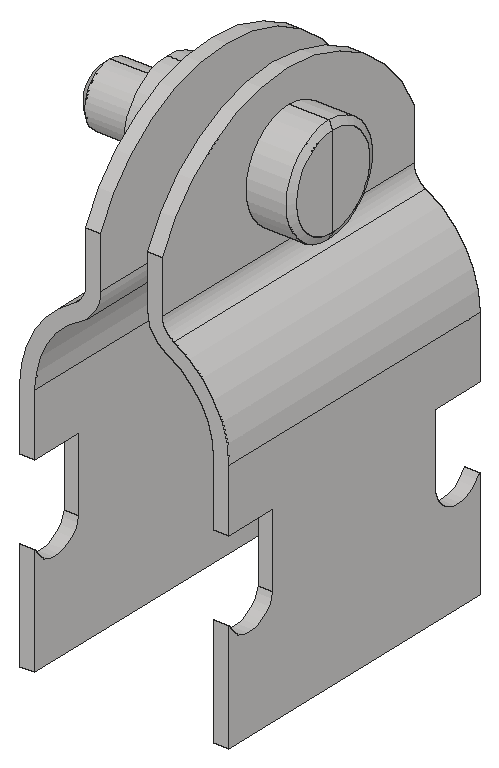
Revit family "Pipe-Clamp-Atkore-Thinwall-Conduit-P1426", category Specialty Equipment, Revit 2012
Parameters (values of type "P1426")
  ecoScorecard_data = ""
  ecoScorecard Product Page = ""
  Unit = Metal - Aluminum - Atkore - Electro - Galvanized
  URL = "http://unistrut.us/index.php"
  Thickness Gauge = 1.50 mm  # constant formula
  Subcategory = "Pipe Clamps"  # constant formula
  Product Page URL = ""
  Part Type = "Clamp"  # constant formula
  Part Number = "P1426"
  Overall Width = 21.48 mm  # constant formula
  Overall Height = 52.78 mm  # constant formula
  Overall Depth = 31.93 mm  # constant formula
  Outer Diameter = 17.90 mm  # constant formula
  Model = "P1426"  # constant formula
  Material = "Multiple Options - See Catalog"
  Manufacturer Toll Free Phone = "800-882-5543"  # constant formula
  Manufacturer Phone = "708-339-1610"  # constant formula
  Manufacturer Fax = "708-339-7814"  # constant formula
  Manufacturer Email = "mailto:questions@atkore.com"
  Manufacturer Address = "16100 South Lathrop Avenue, Harvey, IL 60426"  # constant formula
  Manufacturer = "Unistrut by Atkore International"  # constant formula
  Load Capacity Note = "Visit the product page for load application and capacity."  # constant formula
  Literature URL = ""
  Description = "Pipe Clamps For Thin Wall Conduit"  # constant formula
  Cost Info = "mailto:questions@atkore.com"
  Construction Note = ""
  Conduit Size = 12.70 mm  # constant formula
  CSI MasterSpec = ""
  CAD URL = ""
  Assembly Code = "D5090300"
  95 CSI = "16070"  # constant formula
  04 CSI = "26 05 48"  # constant formula
Reference planes
  plane 1 "Center (Front/Back)": y = 0
  plane 2: z = 0
  plane 3 "Center (Left/Right)": x = 0
  plane 4: y = 15.965
  plane 5: y = -15.965
  plane 6: x = -10.74
  plane 7: x = 10.74
  plane 8: z = 52.78
Dimensions and locks
  equal spacing: plane 4, plane 1 "Center (Front/Back)", plane 5
  "Overall Height": plane 8 to level
  "Overall Depth": plane 4 to plane 5
  "Overall Width": plane 6 to plane 7
  equal spacing: plane 6, plane 3 "Center (Left/Right)", plane 7
  aligned and locked: level to plane 2
  aligned and locked: plane 1 "Center (Front/Back)" to nested 1
  aligned and locked: plane 3 "Center (Left/Right)" to nested 1
Nested families
  nested 1: "P1426" at (0, 0, 0), type "P1426"
Definition of nested family "P1426"
  Parameters (values of type "P1426")
    Unit = none
    Thickness Gauge = 1.50 mm
    Outer Diameter = 17.90 mm
    Conduit Size = 12.70 mm
  Reference planes
    plane 1 "Center (Front/Back)": y = 0
    plane 2: z = 0
    plane 3 "Center (Left/Right)": x = 0
    plane 4: y = -15.967
    plane 5: x = -10.652
    plane 6: x = 10.652
    plane 7: y = 15.967
    plane 8: z = 52.784
    plane 9: z = 37.112
    plane 10: z = 19.431
  Forms (mm)
    Extrusion 1, solid, material <- "Unit"
      sketch origin (0, 0, 0) x (0, 1, 0) y (0, 0, 1)
        loop
          line (15.967, 0) -> (15.967, 11.179)
          arc (15.967, 11.179) -> (12.876, 9.496) -> (10.312, 11.906) r 3.001
          line (10.312, 11.906) -> (10.312, 19.431) -> (-10.326, 19.431) -> (-10.326, 11.836)
          arc (-10.326, 11.836) -> (-12.912, 9.491) -> (-15.967, 11.179) r 3.001
          line (-15.967, 11.179) -> (-15.967, 0) -> (15.967, 0)
      from 9.128 to 10.652
    Extrusion 2, solid, material <- "Unit"
      sketch origin (0, 0, 0) x (1, 0, 0) y (0, 0, 1)
        loop
          arc (5.064, 35.168) -> (4.217, 35.98) -> (3.905, 37.112) r 2.21
          line (3.905, 37.112) -> (2.381, 37.112)
          arc (2.381, 37.112) -> (2.908, 35.2) -> (4.34, 33.827) r 3.734
          arc (4.34, 33.827) -> (7.84, 30.472) -> (9.128, 25.797) r 9.128
          line (9.128, 25.797) -> (9.128, 19.431) -> (10.652, 19.431) -> (10.652, 25.797)
          arc (10.652, 25.797) -> (9.149, 31.252) -> (5.064, 35.168) r 10.652
      from -15.967 to 15.967
    Extrusion 3, solid, material <- "Unit"
      sketch origin (0, 0, 0) x (0, 1, 0) y (0, 0, 1)
        loop
          line (-15.967, 42.409) -> (-15.967, 37.112) -> (15.967, 37.112) -> (15.967, 42.376)
          arc (15.967, 42.376) -> (0.011, 52.784) -> (-15.967, 42.409) r 17.462
      from 2.381 to 3.905
    Extrusion 4, solid, material <- "Unit"
      sketch origin (0, 0, 0) x (0, 1, 0) y (0, 0, -1)
        loop
          line (15.967, 0) -> (-15.967, 0) -> (-15.967, -11.179)
          arc (-15.967, -11.179) -> (-12.912, -9.491) -> (-10.326, -11.836) r 3.001
          line (-10.326, -11.836) -> (-10.326, -19.431) -> (10.312, -19.431) -> (10.312, -11.906)
          arc (10.312, -11.906) -> (12.876, -9.496) -> (15.967, -11.179) r 3.001
          line (15.967, -11.179) -> (15.967, 0)
      from 9.128 to 10.652
    Extrusion 5, solid, material <- "Unit"
      sketch origin (0, 0, 0) x (-1, 0, 0) y (0, 0, -1)
        loop
          arc (5.064, -35.168) -> (9.149, -31.252) -> (10.652, -25.797) r 10.652
          line (10.652, -25.797) -> (10.652, -19.431) -> (9.128, -19.431) -> (9.128, -25.797)
          arc (9.128, -25.797) -> (7.84, -30.472) -> (4.34, -33.827) r 9.128
          arc (4.34, -33.827) -> (2.908, -35.2) -> (2.381, -37.112) r 3.734
          line (2.381, -37.112) -> (3.905, -37.112)
          arc (3.905, -37.112) -> (4.217, -35.98) -> (5.064, -35.168) r 2.21
      from -15.967 to 15.967
    Extrusion 6, solid, material <- "Unit"
      sketch origin (0, 0, 0) x (0, 1, 0) y (0, 0, -1)
        loop
          arc (-15.967, -42.409) -> (0.011, -52.784) -> (15.967, -42.376) r 17.462
          line (15.967, -42.376) -> (15.967, -37.112) -> (-15.967, -37.112) -> (-15.967, -42.409)
      from 2.381 to 3.905
    Revolve 7, solid, material <- "Unit"
      sketch origin (0, 0, 0) x (1, 0, 0) y (0, 0, 1)
        loop
          line (-14.256, 47.228) -> (-15.145, 46.339) -> (-15.145, 44.053) -> (-3.905, 44.053) -> (-3.905, 49.609) -> (-8.388, 49.609)
          arc (-8.388, 49.609) -> (-8.955, 48.432) -> (-9.461, 47.228) r 25.87
          line (-9.461, 47.228) -> (-14.256, 47.228)
        loop
          line (-2.381, 47.228) -> (-2.381, 44.053) -> (2.381, 44.053) -> (2.381, 47.228) -> (-2.381, 47.228)
        loop
          line (8.082, 49.494) -> (3.905, 49.494) -> (3.905, 44.053) -> (8.441, 44.053) -> (8.512, 48.749) -> (8.082, 49.494)
        axis (-15.145, 44.053) -> (8.512, 44.053)
      angle from 0 to 360
  Cuts and joins
    joined: Extrusion 1, Extrusion 2, Extrusion 3
    joined: Extrusion 4, Extrusion 5, Extrusion 6
  Dimensions and locks
    equal spacing: plane 5, plane 3 "Center (Left/Right)", plane 6
    equal spacing: plane 4, plane 1 "Center (Front/Back)", plane 7
    aligned and locked: plane 2 to level
    aligned and locked: Extrusion 2 to plane 7
    aligned and locked: Extrusion 2 to plane 4
  Automatic sketch dimensions
    Extrusion 1 sketch curve to plane 4 = 0.00 mm
    Extrusion 1 sketch curve to plane 10 = 0.00 mm
    Extrusion 1 sketch curve to plane 7 = 0.00 mm
    Extrusion 1 sketch curve to level = 0.00 mm
    plane 4 to Extrusion 1 sketch curve = 2.708 mm
    Extrusion 1 sketch curve to Extrusion 1 sketch curve = 2.933 mm
    plane 7 to Extrusion 1 sketch curve = 5.655 mm
    plane 7 to Extrusion 1 sketch curve = 2.708 mm
    Extrusion 1 sketch curve to plane 10 = 8.252 mm  (x2)
    Extrusion 1 sketch curve to Extrusion 1 sketch curve = 0.657 mm
    Extrusion 1 sketch curve to Extrusion 1 sketch curve = 0.728 mm
    Extrusion 2 sketch curve to Extrusion 2 sketch curve = 0.00 mm  (x5)
    Extrusion 2 sketch curve to plane 3 "Center (Left/Right)" = 0.00 mm
    Extrusion 2 sketch curve to plane 9 = 0.00 mm
    Extrusion 2 sketch curve to plane 10 = 0.00 mm
    Extrusion 2 sketch curve to plane 6 = 0.00 mm
    plane 3 "Center (Left/Right)" to Extrusion 2 sketch curve = 2.381 mm
    Extrusion 2 sketch curve to Extrusion 2 sketch curve = 1.524 mm
    Extrusion 2 sketch curve to Extrusion 2 sketch curve = 0.435 mm
    Extrusion 2 sketch curve to Extrusion 2 sketch curve = 0.725 mm
    Extrusion 3 sketch curve to plane 4 = 0.00 mm
    Extrusion 3 sketch curve to plane 7 = 0.00 mm
    Extrusion 3 sketch curve to plane 9 = 0.00 mm
    plane 1 "Center (Front/Back)" to Extrusion 3 sketch curve = 0.007 mm
    Extrusion 3 sketch curve to plane 9 = 1.79 mm
    plane 9 to Extrusion 3 sketch curve = 5.264 mm
    Extrusion 4 sketch curve to plane 4 = 0.00 mm
    Extrusion 4 sketch curve to plane 10 = 0.00 mm
    Extrusion 4 sketch curve to plane 7 = 0.00 mm
    Extrusion 4 sketch curve to level = 0.00 mm
    plane 4 to Extrusion 4 sketch curve = 2.708 mm
    Extrusion 4 sketch curve to Extrusion 4 sketch curve = 2.933 mm
    plane 7 to Extrusion 4 sketch curve = 5.655 mm
    plane 7 to Extrusion 4 sketch curve = 2.708 mm
    Extrusion 4 sketch curve to plane 10 = 6.959 mm  (x2)
    Extrusion 4 sketch curve to Extrusion 4 sketch curve = 0.566 mm
    Extrusion 4 sketch curve to Extrusion 4 sketch curve = 0.637 mm
    Extrusion 5 sketch curve to Extrusion 5 sketch curve = 0.00 mm  (x5)
    Extrusion 5 sketch curve to plane 3 "Center (Left/Right)" = 0.00 mm
    Extrusion 5 sketch curve to plane 9 = 0.00 mm
    Extrusion 5 sketch curve to plane 10 = 0.00 mm
    Extrusion 5 sketch curve to plane 5 = 0.00 mm
    plane 3 "Center (Left/Right)" to Extrusion 5 sketch curve = 2.381 mm
    Extrusion 5 sketch curve to Extrusion 5 sketch curve = 1.524 mm
    Extrusion 5 sketch curve to Extrusion 5 sketch curve = 0.435 mm
    Extrusion 5 sketch curve to Extrusion 5 sketch curve = 0.725 mm
    Extrusion 6 sketch curve to plane 4 = 0.00 mm
    Extrusion 6 sketch curve to plane 7 = 0.00 mm
    Extrusion 6 sketch curve to plane 9 = 0.00 mm
    plane 1 "Center (Front/Back)" to Extrusion 6 sketch curve = 0.007 mm
    Extrusion 6 sketch curve to Extrusion 6 sketch curve = 5.264 mm
    Extrusion 6 sketch curve to Extrusion 6 sketch curve = 5.297 mm
    Revolve 7 sketch curve to plane 5 = 4.493 mm
    Revolve 7 sketch curve to Revolve 7 sketch curve = 0.889 mm
    plane 5 to Revolve 7 sketch curve = 1.191 mm
    plane 5 to Revolve 7 sketch curve = 3.215 mm
    Revolve 7 sketch curve to Revolve 7 sketch curve = 3.531 mm
    Revolve 7 sketch curve to plane 3 "Center (Left/Right)" = 2.381 mm
    plane 3 "Center (Left/Right)" to Revolve 7 sketch curve = 2.381 mm
    Revolve 7 sketch curve to Revolve 7 sketch curve = 1.524 mm
    Revolve 7 sketch curve to plane 6 = 2.57 mm
    Revolve 7 sketch curve to plane 6 = 2.211 mm
    Revolve 7 sketch curve to Revolve 7 sketch curve = 0.00 mm  (x3)
    Revolve 7 sketch curve to Revolve 7 sketch curve = 0.43 mm
    plane 9 to Revolve 7 sketch curve = 0.69 mm
    plane 6 to Revolve 7 sketch curve = 3.978 mm
    plane 9 to Revolve 7 sketch curve = 6.941 mm
    Revolve 7 sketch curve to Revolve 7 sketch curve = 2.286 mm
    Revolve 7 sketch curve to Revolve 7 sketch curve = 3.175 mm
    plane 8 to Revolve 7 sketch curve = 4.036 mm
    Revolve 7 sketch curve to Revolve 7 sketch curve = 2.266 mm
    Revolve 7 sketch curve to Revolve 7 sketch curve = 2.381 mm
    plane 5 to Revolve 7 sketch curve = 2.264 mm
    Revolve 7 sketch curve to Revolve 7 sketch curve = 4.696 mm
